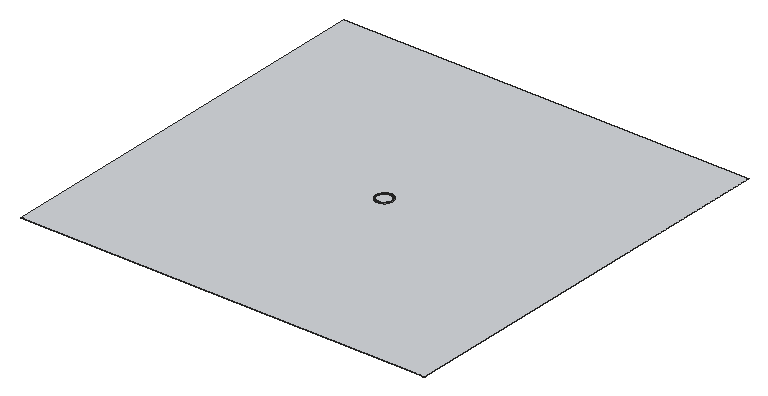
Revit family "LAMP_KOMBIC 100 ROUND IP55 CRI80 OPAL", category Luminarias, Revit 2018
Family settings
  Anfitrión = Cara
  Cota de conector redondo = Diámetro de uso
  Tipo de pieza = Normal
  Corte con vacíos al cargar = No
  Origen de luz = Sí
  Compartido = No
  Punto de cálculo de habitación = No
Parameters (values of type "1392LM 3000K  M/W")
  Ángulo de inclinación = -90.00°
  Weight = 0.517 kg
  Wattage = 13.4 W
  UGR = ""
  Type = "COB PHILIPS"
  built-in parameter 1150107 = 3000 (stored number, unit not read)
  Recessed diameter = 95 mm
  built-in parameter 1150110 = 1 (stored number, unit not read)
  built-in parameter 1150109 = 1 (stored number, unit not read)
  built-in parameter 1150112 = 1 (stored number, unit not read)
  built-in parameter 1150113 = 1 (stored number, unit not read)
  built-in parameter 1114218 = 1 (stored number, unit not read)
  Protection rating = "IP55"
  Product datasheet = "http://www.lamp.es/product-files/TECH/K11RD2055OP830NMW-EN.pdf"
  Product code = "K11RD2055OP830NMW"
  Product URL = "https://www.lamp.es/en/family/kombic-downlight_33313"
  Power Supply = "220-240V 50/60Hz"
  Power = 12 W
  Plum = 13.4 W
  built-in parameter 1150137 = (empty or 0)
  built-in parameter 1150132 = 2
  Modelo = Product code  # "K11RD2055OP830NMW"
  Material reflector = LAMP_PC Reflector Kombic Metalizado Mate
  Material disipador = LAMP_Aluminio Disipador Kombic
  Material difusor = LAMP_PMMA Difusor Kombic
  Material aro = LAMP_Plástico genérico BL
  Manufacturer name = "LAMP"
  Manufacturer country = "Spain"
  Manufacturer URL = "http://www.lamp.es/en"
  MacAdam = "3"
  Luminaire type = "Downlight"
  Last update = "13/07/2021"
  Lamp = "COB LED"
  LED Lifetime = "50.000 L80 B10"
  built-in parameter 1150105 = 110.79 (stored number, unit not read)
  built-in parameter 1150102 = (empty or 0)
  Insulation class = "II"
  Installation instructions = "https://www.lamp.es/product-files/packed/by-family/33313_INS_all.zip"
  built-in parameter 1150106 = 1.1079 (stored number, unit not read)
  IEE = "A+"
  Height = 75 mm
  Gear = "Electronic"
  Lumens = 1392.26 lm
  Finish = "Shiny white RAL 9010"
  Color Filter = 16777215
  built-in parameter 1114217 = 1 (stored number, unit not read)
  built-in parameter 1150139 = (empty or 0)
  Fabricante = Manufacturer name  # "LAMP"
  Default Elevation = 1219.2 mm
  built-in parameter 1150104 = 9.6526 (stored number, unit not read)
  Efficacy = 103.9 lm/W
  Diameter = 99 mm
  built-in parameter 1150115 = 1 (stored number, unit not read)
  built-in parameter 1150114 = 1 (stored number, unit not read)
  built-in parameter 1150138 = (empty or 0)
  built-in parameter 1150134 = (empty or 0)
  Dimming Lamp Color Temperature Shift = (empty or 0)
  CRI = "80"
  Archivo de red fotométrica = "K11RD2055OP830NMW.IES"
  built-in parameter 1150133 = 10 (stored number, unit not read)
Types (8, lengths in mm): name | Wattage | built-in parameter 1150107 | Product datasheet | Product code | Power | Plum | Modelo | built-in parameter 1150105 | built-in parameter 1150106 | Lumens | built-in parameter 1150104 | Efficacy | built-in parameter 1150134 | Archivo de red fotométrica
  1392LM 3000K DALI M/W | 13.4 W | 3000 (stored number, unit not read) | "http://www.lamp.es/product-files/TECH/K11RD2055OP830DMW-EN.pdf" | "K11RD2055OP830DMW" | 12 W | 13.4 W | "K11RD2055OP830DMW" | 110.79 (stored number, unit not read) | 1.1079 (stored number, unit not read) | 1392.26 lm | 9.6526 (stored number, unit not read) | 103.9 lm/W | (empty or 0) | "K11RD2055OP830nMW.IES"
  1392LM 3000K  M/W | 13.4 W | 3000 (stored number, unit not read) | "http://www.lamp.es/product-files/TECH/K11RD2055OP830NMW-EN.pdf" | "K11RD2055OP830NMW" | 12 W | 13.4 W | "K11RD2055OP830NMW" | 110.79 (stored number, unit not read) | 1.1079 (stored number, unit not read) | 1392.26 lm | 9.6526 (stored number, unit not read) | 103.9 lm/W | (empty or 0) | "K11RD2055OP830NMW.IES"
  1474LM 4000K DALI M/W | 13.4 W | 4000 (stored number, unit not read) | "http://www.lamp.es/product-files/TECH/K11RD2055OP840DMW-EN.pdf" | "K11RD2055OP840DMW" | 12 W | 13.4 W | "K11RD2055OP840DMW" | 1319 (stored number, unit not read) | 13.19 (stored number, unit not read) | 1474 lm | 10.219 (stored number, unit not read) | 110 lm/W | 12 | "K11RD2055OP840nMW.IES"
  1474LM 4000K  M/W | 13.4 W | 4000 (stored number, unit not read) | "http://www.lamp.es/product-files/TECH/K11RD2055OP840NMW-EN.pdf" | "K11RD2055OP840NMW" | 12 W | 13.4 W | "K11RD2055OP840NMW" | 1319 (stored number, unit not read) | 13.19 (stored number, unit not read) | 1474 lm | 10.219 (stored number, unit not read) | 110 lm/W | 12 | "K11RD2055OP840NMW.IES"
  1867LM 3000K DALI M/W | 13.4 W | 3000 (stored number, unit not read) | "http://www.lamp.es/product-files/TECH/K11RD2555OP830DMW-EN.pdf" | "K11RD2555OP830DMW" | 17 W | 19.1 W | "K11RD2555OP830DMW" | 1171.5 (stored number, unit not read) | 11.715 (stored number, unit not read) | 1309.18 lm | 9.0766 (stored number, unit not read) | 97.7 lm/W | (empty or 0) | "K11RD2555OP830nMW.IES"
  1867LM 3000K  M/W | 19.1 W | 3000 (stored number, unit not read) | "http://www.lamp.es/product-files/TECH/K11RD2555OP830NMW-EN.pdf" | "K11RD2555OP830NMW" | 17 W | 19.1 W | "K11RD2555OP830NMW" | 1669.8 (stored number, unit not read) | 16.698 (stored number, unit not read) | 1866.07 lm | 9.0766 (stored number, unit not read) | 97.7 lm/W | (empty or 0) | "K11RD2555OP830NMW.IES"
  1978LM 4000K DALI M/W | 19.1 W | 4000 (stored number, unit not read) | "http://www.lamp.es/product-files/TECH/K11RD2555OP840DMW-EN.pdf" | "K11RD2555OP840DMW" | 17 W | 19.1 W | "K11RD2555OP840DMW" | 1770.7 (stored number, unit not read) | 17.707 (stored number, unit not read) | 1978.76 lm | 9.6248 (stored number, unit not read) | 103.6 lm/W | 12 | "K11RD2555OP840nMW.IES"
  1978LM 4000K  M/W | 19.1 W | 4000 (stored number, unit not read) | "http://www.lamp.es/product-files/TECH/K11RD2555OP840NMW-EN.pdf" | "K11RD2555OP840NMW" | 17 W | 19.1 W | "K11RD2555OP840NMW" | 1770.7 (stored number, unit not read) | 17.707 (stored number, unit not read) | 1978.76 lm | 9.6248 (stored number, unit not read) | 103.6 lm/W | 12 | "K11RD2555OP840NMW.IES"
Reference planes
  plane 1 "Centro (Frontal/Posterior)": y = 0
  plane 2: z = 0
  plane 3 "Centro (Izquierda/Derecha)": x = 0
Forms (mm)
  Extrusion 1, solid
    sketch origin (0, 0, 0) x (1, 0, 0) y (0, 1, 0)
      loop
        line (-1219.2, 1219.2) -> (-1219.2, -1219.2) -> (1219.2, -1219.2) -> (1219.2, 1219.2) -> (-1219.2, 1219.2)
    from 0 to -1
  Revolve 2, solid, material "LAMP_Plástico genérico BL" <- "Material aro"
    sketch origin (0, 0, 1.5) x (-1, 0, 0) y (0, 0, -1)
      loop
        arc (37.791, 25.939) -> (31.498, 30.773) -> (23.839, 32.85) r 20.471
        line (23.839, 32.85) -> (23.839, 30.55)
        arc (23.839, 30.55) -> (39.935, 20.082) -> (44.765, 1.5) r 26.552
        line (44.765, 1.5) -> (43.765, 1.5) -> (43.765, 0) -> (49.506, 0) -> (49.506, 1.5) -> (46.246, 1.5)
        arc (46.246, 1.5) -> (44.417, 14.549) -> (37.791, 25.939) r 34.204
      axis (0, 32.85) -> (0, 0)
    angle from 0 to 360
  Revolve 3, solid, material "LAMP_Aluminio Disipador Kombic" <- "Material disipador"
    sketch origin (0, 0, 1.5) x (-1, 0, 0) y (0, 0, -1)
      loop
        line (0, 32.85) -> (46.5, 32.85) -> (46.5, 75.35) -> (0, 75.35) -> (0, 32.85)
      axis (0, 75.35) -> (0, 32.85)
    angle from 0 to 360
  Revolve 4, solid, material "LAMP_PMMA Difusor Kombic" <- "Material difusor"
    sketch origin (0, 0, 0) x (1, 0, 0) y (0, 0, 1)
      loop
        line (0, -28.081) -> (0, -31.35) -> (23.839, -31.35) -> (23.839, -28.081) -> (0, -28.081)
      axis (0, -28.081) -> (0, -31.35)
    angle from 0 to 360
  Revolve 5, solid, material "LAMP_PC Reflector Kombic Metalizado Mate" <- "Material reflector"
    sketch origin (0, 0, 0) x (1, 0, 0) y (0, 0, 1)
      loop
        arc (-44.765, 0) -> (-39.935, -18.582) -> (-23.839, -29.05) r 26.552
        line (-23.839, -29.05) -> (-23.839, -28.081)
        arc (-23.839, -28.081) -> (-39.146, -17.832) -> (-43.765, 0) r 25.895
        line (-43.765, 0) -> (-44.765, 0)
      axis (0, 0) -> (0, -29.05)
    angle from 0 to 360
Text (mm)
  text "Any modification of the parameters and properties of the LAMP BIM models must be executed and validated by the LAMP technical department.\nPhone: +34 93 736 68 00\nE-mail: lamp@lamp.es\n\nLAMP reserves the right to modify the technical specifications of its products." at (-2876.262, -5833.446, 1777.952), in view "Preview"
Dimensions and locks
  aligned and locked: plane 2 to Extrusion 1
  aligned and locked: level to Extrusion 1
Connectors
  electrical at (0, 0, -73.85)
    settings: on Revolve 3, index 1, voltage 230 V, apparent load 0 VA, apparent load phase1 0 VA, apparent load phase2 0 VA, apparent load phase3 0 VA, power factor 1, load classification "Otro", number of poles 1, system type 30, power factor state 1, is connector primary yes, connector utility no, sub classification motor no, connector description ""
